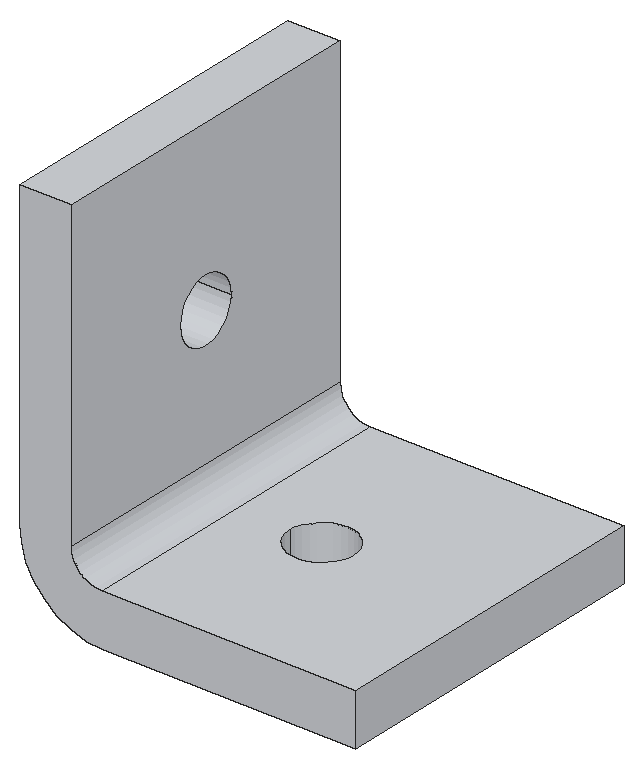
Revit family "Fitting-Ninety_Degree_Angle-Unistrut-P1723", category Specialty Equipment, Revit 2012
Parameters
  ecoScorecard_data = "http://products.ecoscorecard.com/atkore/P1723"
  ecoScorecard Product Page = "http://products.ecoscorecard.com/atkore/P1723?action=html"
  Weight Per Piece = 0.34 lbf
  Unit = none
  Unistrut Part Number = "P1723"  # constant formula
  URL = "http://unistrut.us/index.php"
  Thread Size = 1' - 6"  # constant formula
  Thickness = 0' - 0 1/4"  # constant formula
  Subcategory = "Nintey Degree Angle Fittings"  # constant formula
  Product Page URL = "http://unistrut.us/index.php?WP=cat_detail&S=S05&P=P1723"
  Part Type = "Fitting"  # constant formula
  Overall Width = 0' - 1 5/8"  # constant formula
  Overall Length = 0' - 1 5/8"  # constant formula
  Overall Height = 0' - 1 7/8"  # constant formula
  Model = "P1723"  # constant formula
  Material = ""
  Manufacturer Phone - Toll Free = "800-882-5543"  # constant formula
  Manufacturer Phone = "708-339-1610"  # constant formula
  Manufacturer Fax = "708-339-7814"  # constant formula
  Manufacturer Email = "mailto:jshaw@atkore.com"
  Manufacturer Address = "16100 South Lathrop Avenue, Harvey, IL 60426"  # constant formula
  Manufacturer = "Unistrut by Atkore International"  # constant formula
  Load Capacity Note = "Visit the product page for load application and capacity."  # constant formula
  Literature URL = "http://unistrut.us/index.php?WP=LItLibrary"
  Hole Radius = Hole Diameter / 2  # 0' - 0 5/32"
  Hole Diameter = 0' - 0 5/16"  # constant formula
  Default Elevation = 4' - 0"
  Cost Info = "mailto:jshaw@atkore.com"
  CAD URL = "http://unistrut.us/index.php?WP=CAD3d"
  Assembly Code = "D5020100"
  95 CSI = "16070"  # constant formula
  04 CSI = "26 05 48"  # constant formula
Reference planes (in)
  plane 1 "Center (Front/Back)": y = 0
  plane 2: z = 0
  plane 3 "Center (Left/Right)": x = 0
  plane 4: z = 1.875
  plane 5: y = 0.8125
  plane 6: y = -0.8125
  plane 7: x = -0.8125
  plane 8: x = 0.8125
  plane 9: z = 0.9375
  plane 10: z = 0.25
  plane 11: z = 1.06189
Dimensions and locks (in)
  "Overall Height": plane 4 to level
  "Overall Width": plane 5 to plane 6
  equal spacing: plane 5, plane 1 "Center (Front/Back)", plane 6
  "Overall Length": plane 8 to plane 7
  equal spacing: plane 8, plane 3 "Center (Left/Right)", plane 7
  equal spacing: plane 4, plane 9, level
  "Thickness": plane 10 to level
  plane 7 to plane 8 = 0' - 1 5/8"
  aligned and locked: level to plane 2
  aligned and locked: plane 1 "Center (Front/Back)" to nested 1
  aligned and locked: nested 1 to plane 7
  aligned and locked: plane 6 to nested 1
  aligned and locked: plane 7 to nested 1
  aligned and locked: plane 8 to nested 1
  aligned and locked: plane 5 to nested 1
  aligned and locked: plane 3 "Center (Left/Right)" to nested 1
Nested families (in)
  nested 1: "1723" at (0, 0, 0), type "1723"
Definition of nested family "1723"
  Parameters (values of type "1723")
    ecoScorecard_data = ""
    ecoScorecard Product Page = ""
    Unit = none
    URL = ""
    Thread Size = 1' - 6"  # constant formula
    Thickness = 0' - 0 1/4"  # constant formula
    Overall Width = 0' - 1 5/8"  # constant formula
    Overall Length = 0' - 1 5/8"  # constant formula
    Overall Height = 0' - 1 7/8"  # constant formula
    Material = ""
    Manufacturer = ""
    Hole Radius = 0' - 0 5/32"
    Hole Diameter = 0' - 0 5/16"  # constant formula
    Assembly Code = ""
  Reference planes (in)
    plane 1 "Center (Front/Back)": y = 0
    plane 2: z = 0
    plane 3 "Center (Left/Right)": x = 0
    plane 4: z = 1.875
    plane 5: y = 0.8125
    plane 6: y = -0.8125
    plane 7: x = -0.8125
    plane 8: x = 0.8125
    plane 9: z = 0.9375
    plane 10: z = 0.25
  Forms (in)
    Extrusion 1, solid, material <- "Unit"
      sketch origin (0, 0, 0) x (1, 0, 0) y (0, 0, 1)
        loop
          line (-0.5625, 0.39465) -> (-0.5625, 1.875) -> (-0.8125, 1.875) -> (-0.8125, 0.40509)
          arc (-0.8125, 0.40509) -> (-0.69385, 0.11865) -> (-0.40741, 0) r 0.40509
          line (-0.40741, 0) -> (0.8125, 0) -> (0.8125, 0.25) -> (-0.41785, 0.25)
          arc (-0.41785, 0.25) -> (-0.52013, 0.29237) -> (-0.5625, 0.39465) r 0.14465
      from -0.8125 to 0.8125
    Extrusion 2, void
      sketch origin (0, 0, 0) x (1, 0, 0) y (0, 1, 0)
        loop
          circle (0, 0) r 0.15625
      from 0 to 12
    Extrusion 3, void
      sketch origin (0, 0, 0) x (0, 1, 0) y (0, 0, 1)
        loop
          circle (0, 1.06189) r 0.15625
      from -1.12021 to -0.06274
  Cuts and joins
    Extrusion 2, Extrusion 3 cuts Extrusion 1
  Dimensions and locks (in)
    "Overall Height": plane 4 to level
    "Overall Width": plane 5 to plane 6
    equal spacing: plane 5, plane 1 "Center (Front/Back)", plane 6
    "Overall Length": plane 8 to plane 7
    equal spacing: plane 8, plane 3 "Center (Left/Right)", plane 7
    equal spacing: plane 4, plane 9, level
    "Thickness": plane 10 to level
    "Hole Radius": radius of Extrusion 2 sketch curve
    "Hole Radius": radius of Extrusion 3 sketch curve
    aligned and locked: level to plane 2
    aligned and locked: Extrusion 1 to plane 5
    aligned and locked: Extrusion 1 to plane 6
    aligned and locked: plane 1 "Center (Front/Back)" to Extrusion 2 sketch curve
    aligned and locked: plane 3 "Center (Left/Right)" to Extrusion 2 sketch curve
  Automatic sketch dimensions
    Extrusion 1 sketch curve to plane 7 = 0' - 0"
    Extrusion 1 sketch curve to plane 4 = 0' - 0"
    Extrusion 1 sketch curve to level = 0' - 0"
    Extrusion 1 sketch curve to plane 8 = 0' - 0"
    plane 7 to Extrusion 1 sketch curve = 0' - 0 1/4"
    Extrusion 1 sketch curve to Extrusion 1 sketch curve = 0' - 0.14465"
    Extrusion 1 sketch curve to Extrusion 1 sketch curve = 0' - 0.01044"
    Extrusion 1 sketch curve to Extrusion 1 sketch curve = 0' - 0.15509"
    Extrusion 3 sketch curve to plane 1 "Center (Front/Back)" = 0' - 0"
    plane 9 to Extrusion 3 sketch curve = 0' - 0.12439"
